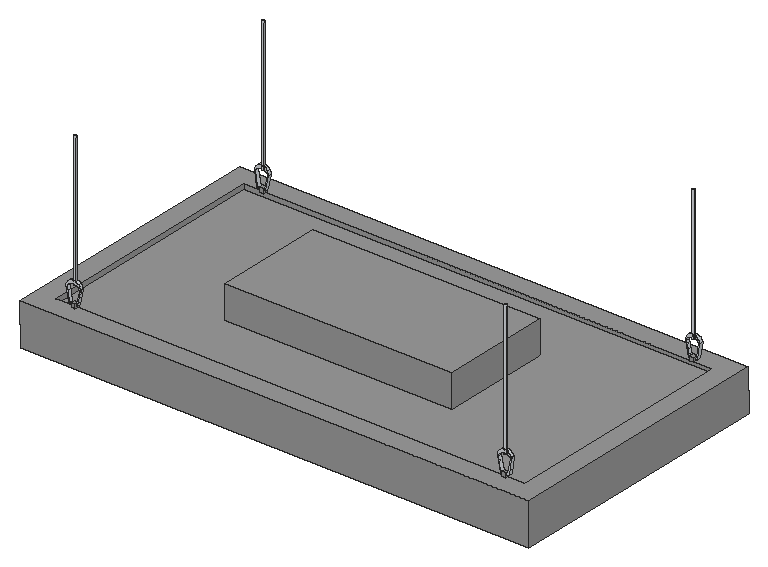
Revit family "HEFTY_4000K_8400LM", category Lighting Fixtures, host Ceiling, Revit 2021
Family settings
  Host = Ceiling
  Round Connector Dimension = Use Diameter
  Part Type = Normal
  OmniClass Number = 23.80.70.11
  OmniClass Title = Luminaries for Internal Lighting
  Always vertical = Yes
  Cut with Voids When Loaded = No
  Light Source = Yes
  Shared = No
  Room Calculation Point = No
Parameters (values of type "Type 1")
  Wattage = 56.5497 W
  built-in parameter 1150110 = 1 (stored number, unit not read)
  Type de lampe = "LED Mid Power"
  Type = "Luminaire industriel"
  built-in parameter 1114217 = 1 (stored number, unit not read)
  Tilt Angle = 90.00°
  Tension = "AC 220-240V"
  built-in parameter 1150109 = 1 (stored number, unit not read)
  built-in parameter 1150134 = 12
  built-in parameter 1150113 = 1 (stored number, unit not read)
  SDCM = "<3"
  Puissance nominale = "61W"
  Poids = "6 kg"
  Photometric Web File = "google_eulumdat_converter (5).ies"
  Matériau = "Acier galvanisé blanc"
  Maintien du flux = "L80B10 (50 000 heures)"
  Lumens = 8400 lm
  built-in parameter 1150115 = 1 (stored number, unit not read)
  built-in parameter 1150105 = 668.45 (stored number, unit not read)
  built-in parameter 1150137 = (empty or 0)
  built-in parameter 1150139 = (empty or 0)
  built-in parameter 1150112 = 1 (stored number, unit not read)
  built-in parameter 1150114 = 1 (stored number, unit not read)
  built-in parameter 1150132 = 2
  built-in parameter 1150102 = (empty or 0)
  built-in parameter 1150138 = (empty or 0)
  built-in parameter 1150107 = 4000 (stored number, unit not read)
  built-in parameter 1150106 = 6.6845 (stored number, unit not read)
  IRC = ">80"
  Emit from Rectangle Width = 609.6 mm
  Emit from Rectangle Length = 1219.2 mm
  Emit Shape Visible in Rendering = no
  built-in parameter 1150104 = 13.8 (stored number, unit not read)
  Durée de vie = "50 000 heures"
  Driver = "Driver Osram"
  Dimming Lamp Color Temperature Shift = <None>
  Dimensions = "650x350x90 mm"
  Diffuseur = "Polycarbonate Opale"
  Default Elevation = 0 mm
  Color Filter = 16777215
  built-in parameter 1114218 = 1 (stored number, unit not read)
  built-in parameter 1150133 = 10 (stored number, unit not read)
  Angle d'éclairage = "90°"
Reference planes
  plane 1 "Light Source Axis (F/B)": y = 0
  plane 2: z = 0
  plane 3 "Light Source Axis (L/R)": x = 0
  plane 4 "Ceiling": z = 4000
  plane 5 "Light Source Elevation": z = 3750
Forms (mm)
  Extrusion 1, solid, material "Steel, Galvanized"
    sketch origin (0, 0, 4000) x (0, 1, 0) y (-1, 0, 0)
      loop
        line (175, 325) -> (-175, 325) -> (-175, -325) -> (175, -325) -> (175, 325)
      loop
        line (150, 300) -> (-150, 300) -> (-150, -300) -> (150, -300) -> (150, 300)
    from -250 to -196.102
  Extrusion 2, solid, material "Steel, Galvanized"
    sketch origin (0, 0, 4000) x (0, 1, 0) y (-1, 0, 0)
      loop
        line (150, 300) -> (-150, 300) -> (-150, -300) -> (150, -300) -> (150, 300)
    from -201.474 to -207.22
  Extrusion 3, solid, material "Steel, Galvanized"
    sketch origin (0, 0, 4000) x (0, 1, 0) y (-1, 0, 0)
      loop
        line (70, 147.964) -> (-70, 147.964) -> (-70, -142.036) -> (70, -142.036) -> (70, 147.964)
    from -207.22 to -160
  Extrusion 4, solid, material "Steel, Galvanized"
    sketch origin (0, 81.053, 4000) x (0, -1, 0) y (1, 0, 0)
      loop
        line (-71.862, 277.481) -> (-71.862, 272.481) -> (-66.862, 272.481) -> (-66.862, 277.481) -> (-71.862, 277.481)
    from -196.102 to -190.59
  Extrusion 5, solid
    sketch origin (0, 81.053, 0) x (-1, 0, 0) y (0, 0, 1)
      loop
        line (-273.652, 3806.915) -> (-270.251, 3807.826) -> (-266.484, 3825.549)
        arc (-266.484, 3825.549) -> (-274.506, 3835.045) -> (-284.54, 3827.708) r 9.115
        line (-284.54, 3827.708) -> (-281.412, 3807.954) -> (-276.521, 3806.915) -> (-273.652, 3806.915)
      loop
        line (-274.011, 3807.991) -> (-271.034, 3808.788) -> (-267.537, 3825.237)
        arc (-267.537, 3825.237) -> (-274.423, 3831.527) -> (-282.81, 3827.45) r 8.303
        line (-282.81, 3827.45) -> (-279.848, 3808.744) -> (-276.306, 3807.991) -> (-274.011, 3807.991)
    from 67.418 to 71.074
  Extrusion 6, solid, material "Glass, White, High Luminance"
    sketch origin (0, 0, 4000) x (0, 1, 0) y (-1, 0, 0)
      loop
        line (150, 300) -> (-150, 300) -> (-150, -300) -> (150, -300) -> (150, 300)
    from -250 to -245.079
  Extrusion 7, solid
    sketch origin (0, 81.053, 4000) x (0, -1, 0) y (1, 0, 0)
      loop
        circle (-68.947, 275) r 1.348
    from -170.446 to 0
  Extrusion 8, solid, material "Steel, Galvanized"
    sketch origin (0, 81.053, 4000) x (0, 1, 0) y (-1, 0, 0)
      loop
        line (71.862, 277.481) -> (66.862, 277.481) -> (66.862, 272.481) -> (71.862, 272.481) -> (71.862, 277.481)
    from -196.102 to -190.59
  Extrusion 9, solid
    sketch origin (0, 81.053, 0) x (1, 0, 0) y (0, 0, -1)
      loop
        line (-273.652, -3806.915) -> (-276.521, -3806.915) -> (-281.412, -3807.954) -> (-284.54, -3827.708)
        arc (-284.54, -3827.708) -> (-274.506, -3835.045) -> (-266.484, -3825.549) r 9.115
        line (-266.484, -3825.549) -> (-270.251, -3807.826) -> (-273.652, -3806.915)
      loop
        line (-274.011, -3807.991) -> (-276.306, -3807.991) -> (-279.848, -3808.744) -> (-282.81, -3827.45)
        arc (-282.81, -3827.45) -> (-274.423, -3831.527) -> (-267.537, -3825.237) r 8.303
        line (-267.537, -3825.237) -> (-271.034, -3808.788) -> (-274.011, -3807.991)
    from 67.418 to 71.074
  Extrusion 10, solid
    sketch origin (0, 81.053, 4000) x (0, 1, 0) y (-1, 0, 0)
      loop
        circle (68.947, 275) r 1.348
    from -170.446 to 0
  Extrusion 11, solid, material "Steel, Galvanized"
    sketch origin (0, -81.053, 4000) x (0, 1, 0) y (-1, 0, 0)
      loop
        line (-71.862, 277.481) -> (-71.862, 272.481) -> (-66.862, 272.481) -> (-66.862, 277.481) -> (-71.862, 277.481)
    from -196.102 to -190.59
  Extrusion 12, solid
    sketch origin (0, -81.053, 0) x (1, 0, 0) y (0, 0, 1)
      loop
        line (-273.652, 3806.915) -> (-270.251, 3807.826) -> (-266.484, 3825.549)
        arc (-266.484, 3825.549) -> (-274.506, 3835.045) -> (-284.54, 3827.708) r 9.115
        line (-284.54, 3827.708) -> (-281.412, 3807.954) -> (-276.521, 3806.915) -> (-273.652, 3806.915)
      loop
        line (-274.011, 3807.991) -> (-271.034, 3808.788) -> (-267.537, 3825.237)
        arc (-267.537, 3825.237) -> (-274.423, 3831.527) -> (-282.81, 3827.45) r 8.303
        line (-282.81, 3827.45) -> (-279.848, 3808.744) -> (-276.306, 3807.991) -> (-274.011, 3807.991)
    from 67.418 to 71.074
  Extrusion 13, solid
    sketch origin (0, -81.053, 4000) x (0, 1, 0) y (-1, 0, 0)
      loop
        circle (-68.947, 275) r 1.348
    from -170.446 to 0
  Extrusion 14, solid, material "Steel, Galvanized"
    sketch origin (0, -81.053, 4000) x (0, -1, 0) y (1, 0, 0)
      loop
        line (71.862, 277.481) -> (66.862, 277.481) -> (66.862, 272.481) -> (71.862, 272.481) -> (71.862, 277.481)
    from -196.102 to -190.59
  Extrusion 15, solid
    sketch origin (0, -81.053, 0) x (-1, 0, 0) y (0, 0, -1)
      loop
        line (-273.652, -3806.915) -> (-276.521, -3806.915) -> (-281.412, -3807.954) -> (-284.54, -3827.708)
        arc (-284.54, -3827.708) -> (-274.506, -3835.045) -> (-266.484, -3825.549) r 9.115
        line (-266.484, -3825.549) -> (-270.251, -3807.826) -> (-273.652, -3806.915)
      loop
        line (-274.011, -3807.991) -> (-276.306, -3807.991) -> (-279.848, -3808.744) -> (-282.81, -3827.45)
        arc (-282.81, -3827.45) -> (-274.423, -3831.527) -> (-267.537, -3825.237) r 8.303
        line (-267.537, -3825.237) -> (-271.034, -3808.788) -> (-274.011, -3807.991)
    from 67.418 to 71.074
  Extrusion 16, solid
    sketch origin (0, -81.053, 4000) x (0, -1, 0) y (1, 0, 0)
      loop
        circle (68.947, 275) r 1.348
    from -170.446 to 0
Lines and regions (mm)
  reference lines
    curve 1: line (0, 0, 4000) -> (325, 0, 4000)
    curve 2: line (0, 0, 4000) -> (-325, 0, 4000)
    curve 3: line (-325, 0, 4000) -> (-325, 95, 4000)
    curve 4: line (-325, 95, 4000) -> (325, 95, 4000)
    curve 5: line (325, 95, 4000) -> (325, -95, 4000)
    curve 6: line (325, -95, 4000) -> (-325, -95, 4000)
    curve 7: line (-325, -95, 4000) -> (-325, 0, 4000)
    curve 8: line (0, 0, 4000) -> (225, 0, 4000)
    curve 9: line (225, 0, 4000) -> (225, -70, 4000)
    curve 10: line (-325, 0, 4000) -> (-300, 0, 4000)
    curve 11: line (-300, 0, 4000) -> (-300, 5, 4000)
    curve 12: line (325, 0, 4000) -> (300, 0, 4000)
    curve 13: line (0, 0, 3750) -> (0, 0, 3840)
    curve 14: line (0, 0, 4000) -> (0, 175, 4000)
    curve 15: line (0, 175, 4000) -> (25, 175, 4000)
    curve 16: line (0, 0, 4000) -> (0, -175, 4000)
    curve 17: line (0, -175, 4000) -> (-30, -175, 4000)
    curve 18: line (-300, 0, 4000) -> (-300, 150, 4000)
    curve 19: line (-300, 0, 4000) -> (-300, -150, 4000)
Dimensions and locks
  equal spacing: host sketch curve, plane 3 "Light Source Axis (L/R)", host sketch curve
  equal spacing: host sketch curve, plane 1 "Light Source Axis (F/B)", host sketch curve
  host sketch curve to host sketch curve = 4000 mm  (x2)
  plane 4 "Ceiling" to host ceiling = 0 mm
  aligned and locked: plane 3 "Light Source Axis (L/R)" to imposter light
  aligned and locked: plane 1 "Light Source Axis (F/B)" to imposter light
  aligned and locked: plane 5 "Light Source Elevation" to imposter light
